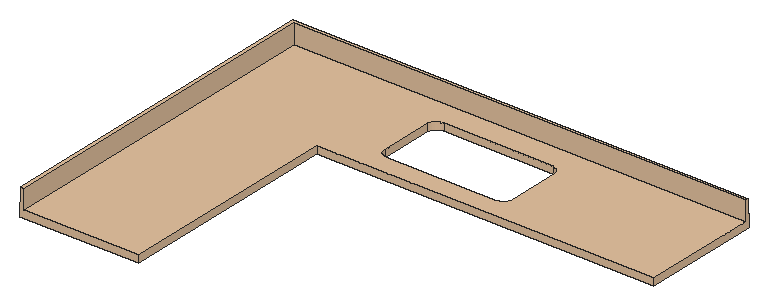
Revit family "077e5bb023e1406bb998cd7a96979f8e", category Casework, Revit 2021
Family settings
  OmniClass Number = 23.40.35.17.47.11
  OmniClass Title = Kitchen Casework
  Seek Item ID = Counter Top-L Shaped w Sink Hole-0000-USA-ENU
  Work Plane-Based = No
  Always vertical = Yes
  Cut with Voids When Loaded = No
  Shared = Yes
  Room Calculation Point = No
Parameters (values of type "24" Depth")
  Default Elevation = 0' - 0"
  Assembly Code = "C1030400"
  Counter Thickness = 0' - 1 1/2"
  Counter Top Material = none
  Depth = 2' - 1"
  Height = 3' - 0"
  Length - Leg 1 [instance] = 8' - 0"
  Length - Leg 2 [instance] = 6' - 0"
  Sink Location [instance] = 2' - 10 1/2"
  Sink Location To Wall [instance] = 0' - 6"
  Sink Opening Depth [instance] = 1' - 3"
  Sink Opening Width [instance] = 2' - 3"
Reference planes (in)
  plane 1 "Back": y = 0
  plane 2: z = 0
  plane 3 "Left": x = -47.2623
  plane 4 "Right": x = 48.7377
  plane 5 "Front": y = -25
  plane 6 "Top": z = 36
  plane 7 "Top Of Cabinet": z = 34.5
  plane 8: y = -0.75
  plane 9: z = 40
  plane 10: x = -22.2623
  plane 11: y = -72
  plane 12: x = -46.5123
  plane 13: x = -12.7623
  plane 14: x = 14.2377
  plane 15: y = -6
  plane 16: y = -21
Forms (in)
  Extrusion 1, solid, material <- "Counter Top Material"
    sketch origin (0, 0, 0) x (1, 0, 0) y (0, 1, 0)
      loop
        line (-47.2623, 0) -> (-47.2623, -72) -> (-22.2623, -72) -> (-22.2623, -25) -> (48.7377, -25) -> (48.7377, 0) -> (-47.2623, 0)
      loop
        arc (-10.7623, -6) -> (-12.17651, -6.58579) -> (-12.7623, -8) r 2
        line (-12.7623, -8) -> (-12.7623, -19)
        arc (-12.7623, -19) -> (-12.17651, -20.41421) -> (-10.7623, -21) r 2
        line (-10.7623, -21) -> (12.2377, -21)
        arc (12.2377, -21) -> (13.65192, -20.41421) -> (14.2377, -19) r 2
        line (14.2377, -19) -> (14.2377, -8)
        arc (14.2377, -8) -> (13.65192, -6.58579) -> (12.2377, -6) r 2
        line (12.2377, -6) -> (-10.7623, -6)
    from 34.5 to 36
  Extrusion 2, solid, material <- "Counter Top Material"
    sketch origin (0, 0, 0) x (1, 0, 0) y (0, 1, 0)
      loop
        line (48.7377, 0) -> (-47.2623, 0) -> (-47.2623, -0.75) -> (48.7377, -0.75) -> (48.7377, 0)
    from 36 to 40
  Extrusion 3, solid, material <- "Counter Top Material"
    sketch origin (0, 0, 0) x (1, 0, 0) y (0, 1, 0)
      loop
        line (-47.2623, -0.75) -> (-47.2623, -72) -> (-46.5123, -72) -> (-46.5123, -0.75) -> (-47.2623, -0.75)
    from 36 to 40
Cuts and joins
  joined: Extrusion 1, Extrusion 2, Extrusion 3
Lines and regions (in)
  Masking region 1
    outline origin (0, 0, 34.5) x (0, -1, 0) y (1, 0, 0)
      loop
        line (0, -47.2623) -> (72, -47.2623) -> (72, -22.2623) -> (25, -22.2623) -> (25, 48.7377) -> (0, 48.7377) -> (0, -47.2623)
  symbolic lines, style "Counter Top"
    curve 1: line (-46.5123, -0.75, 34.5) -> (48.7377, -0.75, 34.5)
    curve 2: line (-46.5123, -72, 34.5) -> (-46.5123, -0.75, 34.5)
  symbolic lines, style "Sink Opening"
    curve 3: line (12.2377, -6, 34.5) -> (-10.7623, -6, 34.5)
    curve 4: line (-10.7623, -21, 34.5) -> (12.2377, -21, 34.5)
    curve 5: line (-12.7623, -8, 34.5) -> (-12.7623, -19, 34.5)
    curve 6: line (14.2377, -19, 34.5) -> (14.2377, -8, 34.5)
    curve 7: arc (12.2377, -6, 34.5) -> (13.65192, -6.58579, 34.5) -> (14.2377, -8, 34.5) r 2
    curve 8: arc (14.2377, -19, 34.5) -> (13.65192, -20.41421, 34.5) -> (12.2377, -21, 34.5) r 2
    curve 9: arc (-12.7623, -8, 34.5) -> (-12.17651, -6.58579, 34.5) -> (-10.7623, -6, 34.5) r 2
    curve 10: arc (-10.7623, -21, 34.5) -> (-12.17651, -20.41421, 34.5) -> (-12.7623, -19, 34.5) r 2
Dimensions and locks (in)
  "Depth": plane 5 "Front" to plane 1 "Back"
  "Length - Leg 1": plane 3 "Left" to plane 4 "Right"
  "Height": level to plane 6 "Top"
  "Counter Thickness": plane 7 "Top Of Cabinet" to plane 6 "Top"
  locked: plane 8 to plane 1 "Back" at 0.75
  plane 6 "Top" to plane 9 = 0' - 4"
  "Depth": plane 3 "Left" to plane 10
  "Length - Leg 2": plane 11 to plane 1 "Back"
  locked: plane 3 "Left" to plane 12 at 0.75
  "Sink Location": plane 3 "Left" to plane 13
  "Sink Opening Width": plane 13 to plane 14
  "Sink Location To Wall": plane 15 to plane 1 "Back"
  "Sink Opening Depth": plane 15 to plane 16
  aligned and locked: plane 1 "Back" to Extrusion 1 sketch curve
  aligned and locked: Extrusion 1 sketch curve to plane 5 "Front"
  aligned and locked: Extrusion 1 sketch curve to plane 3 "Left"
  aligned and locked: plane 6 "Top" to Extrusion 1
  aligned and locked: Extrusion 1 to plane 7 "Top Of Cabinet"
  aligned and locked: Extrusion 2 sketch curve to plane 1 "Back"
  aligned and locked: plane 8 to Extrusion 2 sketch curve
  aligned and locked: Extrusion 2 sketch curve to plane 4 "Right"
  aligned and locked: plane 3 "Left" to Extrusion 2 sketch curve
  aligned and locked: Extrusion 2 to plane 9
  aligned and locked: Extrusion 2 to plane 6 "Top"
  aligned and locked: plane 10 to Extrusion 1 sketch curve
  aligned and locked: plane 11 to Extrusion 1 sketch curve
  aligned and locked: plane 12 to Extrusion 3 sketch curve
  aligned and locked: Extrusion 3 to plane 8
  aligned and locked: plane 3 "Left" to Extrusion 3
  aligned and locked: Extrusion 3 to plane 9
  aligned and locked: Extrusion 3 to plane 6 "Top"
  aligned and locked: Extrusion 1 sketch curve to plane 15
  aligned and locked: Extrusion 1 sketch curve to plane 14
  aligned and locked: Extrusion 1 sketch curve to plane 16
  aligned and locked: Extrusion 1 sketch curve to plane 13
  aligned and locked: plane 1 "Back" to Masking region 1 sketch curve
  aligned and locked: Masking region 1 sketch curve to plane 3 "Left"
  aligned and locked: plane 11 to Masking region 1 sketch curve
  aligned and locked: Masking region 1 sketch curve to plane 10
  aligned and locked: plane 5 "Front" to Masking region 1 sketch curve
  aligned and locked: plane 4 "Right" to Masking region 1 sketch curve
  aligned and locked: curve 5 to cut or joined group of Extrusion 1, Extrusion 2, Extrusion 3
  aligned and locked: curve 6 to cut or joined group of Extrusion 1, Extrusion 2, Extrusion 3
  aligned and locked: curve 7 to cut or joined group of Extrusion 1, Extrusion 2, Extrusion 3
  aligned and locked: curve 10 to cut or joined group of Extrusion 1, Extrusion 2, Extrusion 3
Automatic sketch dimensions
  plane 3 "Left" to Extrusion 3 sketch curve = 0' - 0"
  plane 11 to Extrusion 3 sketch curve = 0' - 0"
  plane 1 "Back" to Extrusion 3 sketch curve = 0' - 0 3/4"
  Extrusion 1 sketch curve to plane 4 "Right" = 0' - 0"
  plane 13 to Extrusion 1 sketch curve = 0' - 2"  (x2)
  Extrusion 1 sketch curve to Extrusion 1 sketch curve = 0' - 2"
  Extrusion 1 sketch curve to plane 14 = 0' - 2"
  curve 1 to plane 4 "Right" = 0' - 0"
  curve 2 to plane 8 = 0' - 0"
  curve 2 to plane 11 = 0' - 0"
  curve 1 to plane 3 "Left" = 0' - 0 3/4"
  curve 4 to curve 3 = 0' - 0"
  curve 3 to curve 5 = 0' - 2"
